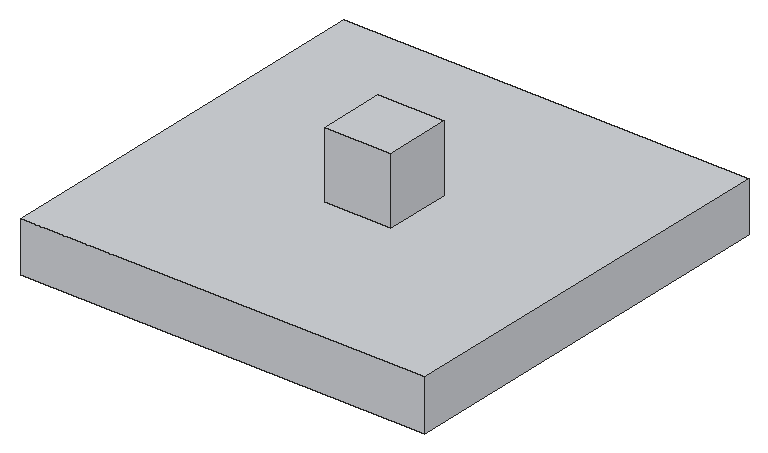
Revit family "盤_機械設備", category 機械設備, Revit 2020
Family settings
  ホスト = 面
  丸型コネクタ寸法 = 直径を使用
  種別 = なし
  パーツ タイプ = 標準
  ロード時にボイドで切り取り = いいえ
  共有 = いいえ
  部屋計算ポイント = いいえ
Parameters
  長さ3 [instance] = 400 mm
  長さ2 [instance] = 400 mm
  長さ1 [instance] = 400 mm
  構造マテリアル [instance] = none
  Default Elevation = 1219.2 mm
Reference planes
  plane 1 "中心(正面/背面)": y = 0
  plane 2: z = 0
  plane 3 "中心(左/右)": x = 0
Forms (mm)
  Extrusion 1, solid
    sketch origin (0, 0, 0) x (1, 0, 0) y (0, 1, 0)
      loop
        line (-1219.2, 1219.2) -> (-1219.2, -1219.2) -> (1219.2, -1219.2) -> (1219.2, 1219.2) -> (-1219.2, 1219.2)
    from 0 to -304.8
  Extrusion 2, solid, material <- "構造マテリアル"
    sketch origin (0, 0, 0) x (1, 0, 0) y (0, 1, 0)
      loop
        line (-200, 200) -> (-200, -200) -> (200, -200) -> (200, 200) -> (-200, 200)
    from 0 to 400
Lines and regions (mm)
  reference lines
    curve 1: line (-200, -200, 0) -> (-200, 200, 0)
    curve 2: line (200, 200, 0) -> (200, -200, 0)
    curve 3: line (200, -200, 0) -> (-200, -200, 0)
    curve 4: line (-200, 200, 0) -> (200, 200, 0)
    curve 5: line (-480, 0, 0) -> (520, 0, 0)
    curve 6: line (-200, 0, 400) -> (200, 0, 400)
Dimensions and locks
  equal spacing: curve 4, plane 1 "中心(正面/背面)", curve 3
  equal spacing: curve 1, plane 3 "中心(左/右)", curve 2
  "長さ2": curve 4 to curve 3
  "長さ1": curve 1 to curve 2
  "長さ3": curve 6 to curve 5
  equal spacing: curve 6, plane 3 "中心(左/右)", curve 6
  equal spacing: curve 3, plane 3 "中心(左/右)", curve 3
  "長さ1": curve 6 to curve 6
  "長さ1": curve 3 to curve 3
  aligned and locked: plane 2 to Extrusion 1
  aligned and locked: level to Extrusion 1
  aligned and locked: Extrusion 2 to curve 1  (x3)
  aligned and locked: Extrusion 2 to curve 2
  aligned and locked: Extrusion 2 to curve 6
Automatic sketch dimensions
  Extrusion 1 sketch curve to Extrusion 1 sketch curve = 2438.4 mm  (x2)
  Extrusion 2 sketch curve to plane 3 "中心(左/右)" = 200 mm
  plane 3 "中心(左/右)" to Extrusion 2 sketch curve = 200 mm
  plane 1 "中心(正面/背面)" to Extrusion 2 sketch curve = 200 mm
  Extrusion 2 sketch curve to plane 1 "中心(正面/背面)" = 200 mm
  curve 5 to level = 0 mm
  curve 5 to plane 3 "中心(左/右)" = 480 mm
  curve 6 to curve 5 = 320 mm
